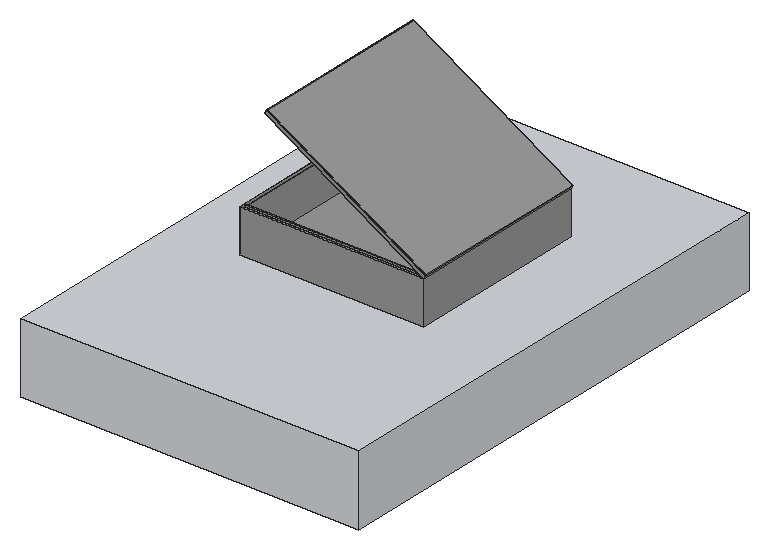
Revit family "Hager-Univers-IP44-D205-H800-Cl.II-Encl-NL-en", category Equipement électrique, Revit 2020
Family settings
  Hôte = Face
  Configuration du panneau = Deux colonnes, circuits au sein
  Cote de connecteur circulaire = Utiliser le diamètre
  Type d'élément = Tableau de raccordement
  Couper avec des vides une fois chargée = Non
  Partagée = Non
  Point de calcul de pièce = Non
Parameters (values of type "Surface mounted (plaster) IP44 W800 H800 D205  - FP53QS")
  Width Control [instance] = if([EF000008 - Width] > Min Width, [EF000008 - Width], Min Width)  # 800 mm
  Commentaires du type = [HG000003 - Range]  # "Univers"
  Thickness Door [instance] = if([EF009171 - Material plate thickness door/cover] > 3 mm, 3 mm, [EF009171 - Material plate thickness door/cover])  # 1 mm
  Seal Frame Offset [instance] = 17 mm  # constant formula
  Plinth Visibility [instance] = [HG000027 - Plinth height] > 0 mm  # no
  Model = ""
  Min Width [instance] = 100 mm  # constant formula
  Min Height [instance] = 100 mm  # constant formula
  Min Depth [instance] = (2 * [EF009170 - Material plate thickness cabinet]) + 1 mm  # 3 mm
  Internal Frame Depth [instance] = (Door System Depth * 0.5)  # 9 mm
  Height Control [instance] = if([EF000040 - Height] > Min Height, [EF000040 - Height], Min Height)  # 800 mm
  HG000027 - Plinth height = 0 mm
  HG000026 - Floor standing = no
  HG000024 - Bottom section height = 800 mm
  HG000023 - Double section enclosure = no
  HG000016 - Door 3d visibility [instance] = yes
  HG000015 - Clearance visibility [instance] = no
  HG000014 - Door on the right [instance] = yes
  HG000013 - Door on the left [instance] = not([HG000014 - Door on the right])  # no
  HG000012 - Door swing angle [instance] = 30.00°
  HG000010 - Asymmetric doors = no
  HG000009 - Double swing door = no
  HG000006 - Flush mounted = no
  HG000004 - Manufacturer reference = "FP53QS"
  HG000003 - Range = "Univers"
  HG000002 - With door or cover = yes
  Frame Offset Bottom [instance] = 10 mm  # constant formula
  Frame Offset [instance] = 15 mm  # constant formula
  EF015940 - Cover with overpressure release = no
  EF011959 - Degree of protection (NEMA) = ""
  EF009554 - Number of openings for flange plates = 6
  EF009212 - Cover model = "EV000116 - Closed"
  EF009171 - Material plate thickness door/cover = 1 mm
  EF009170 - Material plate thickness cabinet = 1 mm
  Fabricant = "Hager"  # constant formula
  EF008873 - Nominal current (In) = 250 A
  EF007800 - Suitable for lightning protection = no
  EF006306 - With lock = no
  EF006244 - Transparent cover/door = no
  EF005474 - Degree of protection (IP) = "EV006418 - IP44"
  EF004464 - Type of door = "EV002646 - Single"
  EF004427 - Number of modules = 180
  EF004293 - Impact strength = "EV006815 - IK09"
  EF003532 - Suitable for outdoor use = no
  EF002950 - Width in number of modular spacings = 36
  EF001613 - Circuit integrity = "EV000494 - None"
  EF001596 - Material housing = "EV000179 - Steel"
  EF001131 - Internal depth = 143 mm
  EF001088 - Extension possible = yes
  EF000437 - Number of conduit inlets = 6
  EF000339 - Type of cover = "EV001012 - Cover"
  EF000266 - Number of rows = 5
  EF000218 - Built-in depth = 0 mm
  EF000118 - With mounting plate = no
  EF000116 - RAL-number = "9010"
  EF000049 - Depth = 205 mm
  EF000040 - Height = 800 mm
  EF000008 - Width = 800 mm
  EF000007 - Colour = "EV000202 - White"
  EF000003 - Mounting method = "EV000384 - Surface mounted (plaster)"
  Door System Leaf Tolerance [instance] = 1.5 mm  # constant formula
  Door System Depth [instance] = 18 mm  # constant formula
  Door Height [instance] = Height Control - [HG000027 - Plinth height]  # 800 mm
  Depth Control [instance] = if([EF000049 - Depth] > Min Depth, [EF000049 - Depth], Min Depth)  # 205 mm
  Default Elevation = 0 mm
  Connector Offset [instance] = Height Control / 2  # 400 mm
  Bottom Top Plate Trim [instance] = 1.5 mm  # constant formula
  Plinth height Ctrl [instance] = if([HG000027 - Plinth height] > 0 mm, [HG000027 - Plinth height], 12 mm)  # 12 mm
Types (5, lengths in mm): name | Width Control | HG000009 - Double swing door | HG000004 - Manufacturer reference | EF009554 - Number of openings for flange plates | EF004464 - Type of door | EF004427 - Number of modules | EF002950 - Width in number of modular spacings | EF000437 - Number of conduit inlets | EF000008 - Width
  Surface mounted (plaster) IP44 W1050 H800 D205  - FP54QS | 1050 | no | "FP54QS" | 8 | "EV003602 - Double" | 240 | 48 | 8 | 1050
  Surface mounted (plaster) IP44 W1300 H800 D205  - FP55QS | 1300 | yes | "FP55QS" | 10 | "EV003602 - Double" | 300 | 60 | 10 | 1300
  Surface mounted (plaster) IP44 W300 H800 D205  - FP51QS | 300 | no | "FP51QS" | 2 | "EV002646 - Single" | 60 | 12 | 2 | 300
  Surface mounted (plaster) IP44 W550 H800 D205  - FP52QS | 550 | no | "FP52QS" | 4 | "EV002646 - Single" | 120 | 24 | 4 | 550
  Surface mounted (plaster) IP44 W800 H800 D205  - FP53QS | 800 | no | "FP53QS" | 6 | "EV002646 - Single" | 180 | 36 | 6 | 800
Reference planes
  plane 1 "Center (Front/Back)": y = 0
  plane 2: z = 0
  plane 3 "Center (Left/Right)": x = 0
  plane 4: z = 205
  plane 5: y = 1
  plane 6: y = 400
  plane 7: y = 0
  plane 8: y = 800
  plane 9: z = 0
  plane 10: x = -385
  plane 11: x = 385
  plane 12: x = 384
  plane 13: x = -384
  plane 14: y = 799
  plane 15: x = -383
  plane 16: x = -400
  plane 17: x = 383
  plane 18: x = 400
  plane 19: x = 399
  plane 20: x = -399
  plane 21: y = 11
  plane 22: y = 800
  plane 23: y = 784
  plane 24: z = 187
  plane 25: z = 1
  plane 26: z = 186
  plane 27: z = 204
Forms (mm)
  Extrusion 1, solid
    sketch origin (0, 0, 0) x (1, 0, 0) y (0, 1, 0)
      loop
        line (-702.964, 1305) -> (-702.964, -811.445) -> (766.763, -811.445) -> (766.763, 1305) -> (-702.964, 1305)
    from 0 to -304.8
  Extrusion 2, solid, material "Hager_Steel_RAL7035_Light_Grey", visible <- "Plinth Visibility", detail levels medium+fine
    sketch origin (0, 0, 0) x (1, 0, 0) y (0, 1, 0)
      loop
        line (-400, 0) -> (400, 0) -> (400, 12) -> (-400, 12) -> (-400, 0)
    from 0 to 187
  Extrusion 3, solid, material "Hager_Steel_RAL7035_Light_Grey", detail levels medium+fine
    sketch origin (0, 0, 0) x (1, 0, 0) y (0, 1, 0)
      loop
        line (-400, 0) -> (400, 0) -> (400, 800) -> (-400, 800) -> (-400, 0)
    from 0 to 187
  Extrusion 4, void
    sketch origin (0, 0, 0) x (1, 0, 0) y (0, 1, 0)
      loop
        line (-399, 1) -> (399, 1) -> (399, 799) -> (-399, 799) -> (-399, 1)
    from 1 to 186
  Extrusion 5, void
    sketch origin (-381.607, -4572, 187) x (0, -1, 0) y (-1, 0, 0)
      loop
        line (-4583, 2.393) -> (-5356, 2.393) -> (-5356, -765.607) -> (-4583, -765.607) -> (-4583, 2.393)
    from 0 to 1 <- "EF009170 - Material plate thickness cabinet"
  Extrusion 6, solid, material "Hager_Steel_RAL7035_Light_Grey", detail levels fine
    sketch origin (0, 0, 187) x (1, 0, 0) y (0, 1, 0)
      loop
        line (-384, 784) -> (-384, 11) -> (384, 11) -> (384, 784) -> (-384, 784)
      loop
        line (-385, 10) -> (385, 10) -> (385, 785) -> (-385, 785) -> (-385, 10)
    from 0 to 9 <- "Internal Frame Depth"
  Extrusion 7, solid, material "Hager_Steel_RAL7035_Light_Grey", detail levels coarse
    sketch origin (0, 0, 0) x (1, 0, 0) y (0, 1, 0)
      loop
        line (-400, 0) -> (400, 0) -> (400, 800) -> (-400, 800) -> (-400, 0)
    from 0 to 205
  Sweep 8, void
    path in 3D
      loop
        line (-400, 12, 0) -> (400, 12, 0) -> (400, 12, 187) -> (-400, 12, 187) -> (-400, 12, 0)
    profile origin (-400, 12, 93.5) x (-1, 0, 0) y (0, -1, 0)
      loop
        line (0, 0) -> (0, 1.5) -> (-1.5, 1.5)
        arc (-1.5, 1.5) -> (-1.061, 0.439) -> (0, 0) r 1.5
Cuts and joins
  Extrusion 4, Extrusion 5 cuts Extrusion 3
  Sweep 8 cuts Extrusion 2
Lines and regions (mm)
  Masking region 1
    outline origin (0, 0, 0) x (1, 0, 0) y (0, 0, 1)
      loop
        line (-400, 205) -> (-400, 0) -> (400, 0) -> (400, 205) -> (-400, 205)
  Masking region 2, detail levels medium+fine
    outline origin (0, 140, 0) x (0, 1, 0) y (0, 0, 1)
      loop
        line (-140, 0) -> (660, 0) -> (660, 187) -> (-140, 187) -> (-140, 0)
  Masking region 3, not visible, detail levels medium+fine
    outline origin (0, 297.922, 0) x (0, 1, 0) y (0, 0, 1)
      loop
        line (113.578, 0) -> (153.578, 0) -> (153.578, 194)
        arc (153.578, 194) -> (150.649, 201.071) -> (143.578, 204) r 10
        line (143.578, 204) -> (113.578, 204) -> (113.578, 0)
  Masking region 4, detail levels coarse
    outline origin (0, 0, 180) x (0, 1, 0) y (0, 0, 1)
      loop
        line (0, -180) -> (800, -180) -> (800, 25) -> (0, 25) -> (0, -180)
  Masking region 5, visible <- "Plinth Visibility", detail levels medium+fine
    outline origin (0, 52.24, 12.345) x (0, 0, -1) y (0, 1, 0)
      loop
        line (10.845, -40.24) -> (-173.155, -40.24)
        arc (-173.155, -40.24) -> (-173.594, -41.301) -> (-174.655, -41.74) r 1.5
        line (-174.655, -41.74) -> (-174.655, -52.24) -> (12.345, -52.24) -> (12.345, -41.74)
        arc (12.345, -41.74) -> (11.285, -41.301) -> (10.845, -40.24) r 1.5
  Masking region 6, detail levels medium+fine
    outline origin (-381.607, -4572, 187) x (-1, 0, 0) y (0, -1, 0)
      loop
        line (18.393, -5372) -> (18.393, -4572) -> (-781.607, -4572) -> (-781.607, -5372) -> (18.393, -5372)
  Masking region 7, visible <- "Plinth Visibility", detail levels medium+fine
    outline origin (-381.607, -4727, 187) x (-1, 0, 0) y (0, -1, 0)
      loop
        arc (16.893, -4739) -> (17.332, -4737.939) -> (18.393, -4737.5) r 1.5
        line (18.393, -4737.5) -> (18.393, -4727) -> (-781.607, -4727) -> (-781.607, -4737.5)
        arc (-781.607, -4737.5) -> (-780.546, -4737.939) -> (-780.107, -4739) r 1.5
        line (-780.107, -4739) -> (16.893, -4739)
  Masking region 8, detail levels coarse
    outline origin (-442.548, -4669.526, 187) x (-1, 0, 0) y (0, -1, 0)
      loop
        line (-42.548, -5469.526) -> (-42.548, -4669.526) -> (-842.548, -4669.526) -> (-842.548, -5469.526) -> (-42.548, -5469.526)
  sketch lines
    curve 1: line (-400, 12, 187) -> (-400, 12, 0)
    curve 2: line (400, 12, 187) -> (-400, 12, 187)
    curve 3: line (400, 12, 187) -> (400, 12, 0)
    curve 4: line (-400, 12, 0) -> (400, 12, 0)
Dimensions and locks
  "Depth Control": plane 4 to Extrusion 1
  "HG000027 - Plinth height": plane 1 "Center (Front/Back)" to plane 7
  "EF009170 - Material plate thickness cabinet": plane 5 to plane 7
  locked: connector elem to plane 3 "Center (Left/Right)"
  equal spacing: plane 8, plane 6, plane 7
  locked: connector elem to plane 6
  "EF009170 - Material plate thickness cabinet": plane 8 to plane 14
  "EF009170 - Material plate thickness cabinet": plane 10 to plane 13
  "EF009170 - Material plate thickness cabinet": plane 12 to plane 11
  "Frame Offset": plane 20 to plane 13
  "Frame Offset": plane 12 to plane 19
  "EF009170 - Material plate thickness cabinet": plane 16 to plane 20
  "EF009170 - Material plate thickness cabinet": plane 19 to plane 18
  "Seal Frame Offset": plane 16 to plane 15
  "Seal Frame Offset": plane 17 to plane 18
  "Frame Offset Bottom": plane 21 to plane 5
  "Frame Offset": plane 14 to plane 23
  equal spacing: plane 16, plane 3 "Center (Left/Right)", plane 18
  "Width Control": plane 16 to plane 18
  "EF009170 - Material plate thickness cabinet": plane 4 to plane 27
  "EF009170 - Material plate thickness cabinet": plane 24 to plane 26
  "EF009170 - Material plate thickness cabinet": plane 25 to level
  "Door System Depth": plane 4 to plane 24
  "Height Control": plane 1 "Center (Front/Back)" to Extrusion 7 sketch curve
  "Height Control": Masking region 4 sketch curve to plane 1 "Center (Front/Back)"
  "Height Control": plane 1 "Center (Front/Back)" to plane 22
  "Bottom Top Plate Trim": profile plane to Sweep 8 sketch curve
  "Bottom Top Plate Trim": Sweep 8 sketch curve to profile plane
  "Plinth height Ctrl": plane 1 "Center (Front/Back)" to Extrusion 2 sketch curve
  "Plinth height Ctrl": Masking region 5 sketch curve to plane 1 "Center (Front/Back)"
  "Plinth height Ctrl": plane 1 "Center (Front/Back)" to Masking region 7 sketch curve
  "Thickness Door": Extrusion 6 sketch curve to Extrusion 6 sketch curve  (x3)
  "Thickness Door": cut or joined group of Extrusion 3, Extrusion 4, Extrusion 5 to Extrusion 6 sketch curve
  radius of Masking region 3 sketch curve = 10 mm
  "Bottom Top Plate Trim": radius of Masking region 5 sketch curve  (x2)
  "Bottom Top Plate Trim": radius of Sweep 8 sketch curve
  "Bottom Top Plate Trim": radius of Masking region 7 sketch curve  (x2)
  aligned and locked: plane 2 to Extrusion 1
  aligned and locked: level to Extrusion 1
  aligned and locked: level to Masking region 1 sketch curve
  aligned and locked: Masking region 1 sketch curve to plane 18
  aligned and locked: Masking region 1 sketch curve to plane 16
  aligned and locked: plane 7 to Masking region 2 sketch curve
  aligned and locked: level to Masking region 3 sketch curve
  aligned and locked: Masking region 3 sketch curve to plane 27
  aligned and locked: level to Masking region 2 sketch curve
  aligned and locked: plane 1 "Center (Front/Back)" to Extrusion 2 sketch curve
  aligned and locked: Extrusion 3 sketch curve to plane 7
  aligned and locked: plane 16 to Extrusion 3 sketch curve
  aligned and locked: plane 18 to Extrusion 3 sketch curve
  aligned and locked: plane 20 to Extrusion 4 sketch curve
  aligned and locked: plane 19 to Extrusion 4 sketch curve
  aligned and locked: Extrusion 4 sketch curve to plane 5
  aligned and locked: Extrusion 4 to plane 25
  aligned and locked: plane 26 to Extrusion 4
  aligned and locked: plane 24 to Extrusion 3
  aligned and locked: Extrusion 5 sketch curve to plane 21
  aligned and locked: Extrusion 5 sketch curve to plane 13
  aligned and locked: Extrusion 5 sketch curve to plane 12
  aligned and locked: plane 18 to Extrusion 7 sketch curve
  aligned and locked: plane 1 "Center (Front/Back)" to Extrusion 7 sketch curve
  aligned and locked: plane 16 to Extrusion 7 sketch curve
  aligned and locked: plane 4 to Extrusion 7
  aligned and locked: Extrusion 7 to level
  aligned and locked: level to Masking region 4 sketch curve
  aligned and locked: Masking region 4 sketch curve to plane 1 "Center (Front/Back)"
  aligned and locked: Masking region 4 sketch curve to plane 4
  aligned and locked: nested 1 to level
  aligned and locked: nested 1 to plane 16
  aligned and locked: plane 8 to Extrusion 3 sketch curve
  aligned and locked: plane 23 to Extrusion 5 sketch curve
  aligned and locked: plane 14 to Extrusion 4 sketch curve
  aligned and locked: Masking region 2 sketch curve to plane 8
  aligned and locked: level to Masking region 5 sketch curve
  aligned and locked: plane 16 to Extrusion 2 sketch curve
  aligned and locked: plane 18 to Extrusion 2 sketch curve
  aligned and locked: Masking region 5 sketch curve to plane 24
  aligned and locked: Masking region 2 sketch curve to plane 24
  aligned and locked: plane 24 to Extrusion 2
  aligned and locked: profile plane to Sweep 8 sketch curve  (x2)
  aligned and locked: Masking region 6 sketch curve to plane 18
  aligned and locked: Masking region 6 sketch curve to plane 22
  aligned and locked: Masking region 6 sketch curve to plane 16
  aligned and locked: plane 8 to plane 22
  aligned and locked: Masking region 6 sketch curve to plane 7
  aligned and locked: Masking region 7 sketch curve to plane 16
  aligned and locked: Masking region 7 sketch curve to plane 1 "Center (Front/Back)"
  aligned and locked: Masking region 7 sketch curve to plane 18
  aligned and locked: Masking region 8 sketch curve to plane 1 "Center (Front/Back)"
  aligned and locked: Masking region 8 sketch curve to plane 18
  aligned and locked: Masking region 8 sketch curve to plane 22
  aligned and locked: Masking region 8 sketch curve to plane 16
  aligned and locked: nested 2 to plane 7
  aligned and locked: plane 3 "Center (Left/Right)" to nested 2
  aligned and locked: nested 2 to plane 24
  aligned and locked: Extrusion 6 sketch curve to cut or joined group of Extrusion 3, Extrusion 4, Extrusion 5  (x4)
Automatic sketch dimensions
  Extrusion 1 sketch curve to Extrusion 1 sketch curve = 1469.727 mm
  Extrusion 1 sketch curve to Extrusion 1 sketch curve = 2116.445 mm
  Masking region 1 sketch curve to plane 4 = 0 mm
  plane 6 to Masking region 3 sketch curve = 11.5 mm
  Masking region 3 sketch curve to Masking region 3 sketch curve = 30 mm
  Masking region 5 sketch curve to plane 1 "Center (Front/Back)" = 0 mm
Nested families
  nested 1: "Hager_Enclosure_Symbol" at (-400, 0, 0) x (1, 0, 0) z (0, -1, 0), Height <- "Depth Control", Width <- "Width Control", type "Hager_Enclosure_Symbol"
    with Width_Ctrl 800 mm, Width 800 mm, Height_Ctrl 205 mm, Height 205 mm, A_Width_Int 13.453 mm, A_Width 161.438 mm, A_Height_Ctrl 179.375 mm, A_Height 179.375 mm
  nested 2: "EC000058_Univers_Door" at (0, 0, 187) x (1, 0, 0) z (0, 1, 0), Leaf_Tolerance <- "Door System Leaf Tolerance", Angle <- "HG000012 - Door swing angle", Door_Depth <- "Door System Depth", Door_Left <- "HG000013 - Door on the left", Transparent <- "EF006244 - Transparent cover/door", Assymetrical <- "HG000010 - Asymmetric doors", Width <- "Width Control", Clearance <- "HG000015 - Clearance visibility", Double <- "HG000009 - Double swing door", 3d_Door <- "HG000016 - Door 3d visibility", Lock_Visibility <- "EF006306 - With lock", Width_Ctrl <- "Width Control", Door_Right <- "HG000014 - Door on the right", Door <- "HG000002 - With door or cover", Height <- "Door Height", Thickness <- "Thickness Door", type "EC000058_Univers_Door", detail levels medium+fine
    with min_wh 3 mm, Width_Ctrl 800 mm, Width 800 mm, Transparent no, Thickness 1 mm, Seal_Material Hager_Rubber, Lock_Visibility no, Lock_Material Hager_Plastic_RAL9005_Jet_Black, Leaf_Width 800 mm, Leaf_Tolerance_External_Sides 0 mm, Leaf_Tolerance 1.5 mm, Leaf_Offset 0 mm, Leaf_Height 797 mm, Leaf_2_Width 800 mm, Leaf_2_Offset 400 mm, Leaf_1_Width 800 mm, Leaf_1_Offset 400 mm, Height_Ctrl 800 mm, Height 800 mm, Glass_Material Hager_Glass, Double_Clearance_Ctrl no, Double no, Door_Right_Ctrl yes, Door_Right yes, Door_Material Hager_Steel_RAL7035_Light_Grey, Door_Left_Ctrl no, Door_Left no, Door_Depth 18 mm, Door yes, Clearance_Material Hager_Clearance, Clearance_Depth 800 mm, Clearance_Ctrl no, Clearance no, Assymetrical no, Angle 30.00°, 3d_Door yes
Connectors
  electrical at (0, 400, 0)
    settings: on plane 9, index 1, voltage 0 V, apparent load 0 VA, apparent load phase1 0 VA, apparent load phase2 0 VA, apparent load phase3 0 VA, power factor 1, load classification "Other", number of poles 1, system type 30, power factor state 1, is connector primary yes, connector utility no, sub classification motor no, connector description ""
Definition of nested family "EC000058_Univers_Door"
  Parameters (values of type "EC000058_Univers_Door")
    min_wh [instance] = (2 * Thickness) + 1 mm  # 11 mm
    Width_Ctrl [instance] = 400 mm
    Width [instance] = 500 mm
    Transparent [instance] = yes
    Thickness [instance] = 5 mm
    Seal_Material [instance] = none
    Lock_Visibility [instance] = yes
    Lock_Material [instance] = none
    Leaf_Width [instance] = if((Width_Ctrl - 2 * Leaf_Tolerance_External_Sides) > 0 mm, (Width_Ctrl - 2 * Leaf_Tolerance_External_Sides), min_wh)  # 400 mm
    Leaf_Tolerance_External_Sides [instance] = 0 mm  # constant formula
    Leaf_Tolerance [instance] = 1.5 mm
    Leaf_Offset [instance] = 0 mm  # constant formula
    Leaf_Height [instance] = if((Height_Ctrl - 2 * Leaf_Tolerance) > 0 mm, (Height_Ctrl - 2 * Leaf_Tolerance), min_wh)  # 497 mm
    Leaf_2_Width [instance] = if(and(and(Double, Assymetrical), Door_Left), (Leaf_Width / 3) - (Leaf_Tolerance / 2), if(and(and(Double, Assymetrical), Door_Right), (Leaf_Width / 3) * 2 - (Leaf_Tolerance / 2), if(and(Double, not(Assymetrical)), (Leaf_Width / 2) - Leaf_Tolerance, Leaf_Width)))  # 400 mm
    Leaf_2_Offset [instance] = if(and(Double, Assymetrical), Leaf_2_Width / 2, if(and(Double, not(Assymetrical)), Leaf_Width / 4, Leaf_Width / 2))  # 200 mm
    Leaf_1_Width [instance] = if(and(and(Double, Assymetrical), Door_Right), (Leaf_Width / 3) - (Leaf_Tolerance / 2), if(and(and(Double, Assymetrical), Door_Left), (Width / 3) * 2 - (Leaf_Tolerance / 2), if(and(Double, not(Assymetrical)), (Leaf_Width / 2) - Leaf_Tolerance, Leaf_Width)))  # 400 mm
    Leaf_1_Offset [instance] = if(and(Double, Assymetrical), Leaf_1_Width / 2, if(and(Double, not(Assymetrical)), Leaf_Width / 4, Leaf_Width / 2))  # 200 mm
    Height_Ctrl [instance] = if(Height > min_wh, Height, min_wh)  # 500 mm
    Height [instance] = 500 mm
    Glass_Material [instance] = none
    Double_Clearance_Ctrl [instance] = and(Double, Clearance)  # no
    Double [instance] = no
    Door_Right_Ctrl [instance] = and(or(Door_Right, Double), Door)  # yes
    Door_Right [instance] = yes
    Door_Material [instance] = none
    Door_Left_Ctrl [instance] = and(or(Door_Left, Double), Door)  # no
    Door_Left [instance] = no
    Door_Depth [instance] = 30 mm
    Door [instance] = yes
    Default Elevation = 1219.2 mm
    Clearance_Material [instance] = none
    Clearance_Depth [instance] = if(Leaf_1_Width > Leaf_2_Width, Leaf_1_Width, Leaf_2_Width)  # 400 mm
    Clearance_Ctrl [instance] = and(not(Double), Clearance)  # yes
    Clearance [instance] = yes
    Assymetrical [instance] = yes
    Angle [instance] = 30.00°
    3d_Door [instance] = yes
  Reference planes
    plane 1 "Center (Front/Back)": y = 0
    plane 2 "Bottom": z = 0
    plane 3 "Center (Left/Right)": x = 0
    plane 4: z = 500
    plane 5: x = -200
    plane 6: x = 200
    plane 7: z = 500
    plane 8: x = -200
    plane 9: z = 0
    plane 10: x = 200
    plane 11: y = 0
    plane 12: z = 1.5
    plane 13: x = -600
    plane 14: y = -400
    plane 15: x = 600
    plane 16: x = 0
    plane 17: x = 0
    plane 18: x = -200
    plane 19: x = 200
    plane 20: z = 498.5
  Forms (mm)
    Extrusion 1, solid, material <- "Clearance_Material", visible <- "Double_Clearance_Ctrl"
      sketch origin (1200, 0, 0) x (1, 0, 0) y (0, 0, -1)
        loop
          line (-1800, -498.5) -> (-600, -498.5) -> (-600, 0) -> (-1800, 0) -> (-1800, -498.5)
      from 0 to -400
  Dimensions and locks
    equal spacing: plane 5, plane 3 "Center (Left/Right)", plane 6
    "Width_Ctrl": plane 5 to plane 6
    "Leaf_Offset": plane 5 to plane 8
    "Leaf_Offset": plane 6 to plane 10
    "Leaf_Offset": plane 9 to level
    "Leaf_Offset": plane 4 to plane 7
    "Height_Ctrl": plane 4 to level
    "Leaf_Tolerance": plane 12 to plane 9
    locked: plane 11 to plane 1 "Center (Front/Back)"
    "Leaf_1_Offset": plane 18 to plane 16
    "Leaf_2_Offset": plane 17 to plane 19
    "Leaf_1_Width": plane 13 to plane 8
    "Leaf_2_Width": plane 10 to plane 15
    "Clearance_Depth": plane 14 to plane 1 "Center (Front/Back)"
    "Leaf_Tolerance_External_Sides": plane 8 to plane 18
    "Leaf_Tolerance_External_Sides": plane 19 to plane 10
    "Leaf_Tolerance": plane 7 to plane 20
    aligned and locked: level to plane 2 "Bottom"
    aligned and locked: nested 1 to plane 16
    aligned and locked: nested 2 to plane 17
    aligned and locked: Extrusion 1 to plane 13
    aligned and locked: plane 15 to Extrusion 1
    aligned and locked: Extrusion 1 to plane 14
    aligned and locked: plane 12 to nested 1
    aligned and locked: nested 2 to plane 12
    aligned and locked: Extrusion 1 to plane 11
    aligned and locked: plane 20 to Extrusion 1
    aligned and locked: nested 2 to plane 11
    aligned and locked: nested 1 to plane 11
  Automatic sketch dimensions
    Extrusion 1 sketch curve to level = 0 mm
    plane 5 to Extrusion 1 sketch curve = 400 mm
    plane 6 to Extrusion 1 sketch curve = 400 mm
    Extrusion 1 sketch curve to plane 4 = 1.5 mm
  Nested families
    nested 1: "EC000058_Univers_Door_Leaf" at (0, 0, 1.5), Width <- "Leaf_1_Width", visible <- "Door_Left_Ctrl", Leaf_Height <- "Leaf_Height", Angle <- "Angle", 3d_Door <- "3d_Door", Transparent <- "Transparent", Clearance Material <- "Clearance_Material", Clearance <- "Clearance_Ctrl", Door_Material <- "Door_Material", Glass_Material <- "Glass_Material", Door_Depth <- "Door_Depth", Lock_Material <- "Lock_Material", Seal_Material <- "Seal_Material", Lock_Visibility <- "Lock_Visibility", Thickness <- "Thickness", type "EC000058_Univers_Door_Leaf"
      with Width 400 mm, Transparent_Glass_Offset 30 mm, Transparent_Ctrl yes, Transparent yes, Thickness 5 mm, Standard no, Seal_Material none, Seal_D2 8 mm, Seal_D1 1 mm, Offset_Internal_Frame 10 mm, Lock_Width 20 mm, Lock_Visibility_3d yes, Lock_Visibility yes, Lock_Thickness_3 3 mm, Lock_Thickness_2 1 mm, Lock_Thickness_1 3 mm, Lock_Radius_Offset_2 16 mm, Lock_Radius_Offset_1 15 mm, Lock_Radius_2 5 mm, Lock_Radius 6 mm, Lock_Offset 5 mm, Lock_Material none, Lock_Height 80 mm, Lock_Cover_Top_Offset_2d 17 mm, Lock_Cover_Height -65 mm, Leaf_Height 497 mm, Internal_Seal_Thickness 8 mm, Internal_Seal_Depth_2 4.5 mm, Internal_Frame_Depth 25 mm, Glass_Thickness -1 mm, Glass_Offset -2 mm, Glass_Material none, Door_Material none, Door_Depth 30 mm, Clearance Material none, Clearance yes, Angle_Ctrl 30.00°, Angle 30.00°, 3d_Door yes
    nested 2: "EC000058_Univers_Door_Leaf" at (0, 0, 1.5) x (-1, 0, 0) z (0, 0, 1), Width <- "Leaf_2_Width", visible <- "Door_Right_Ctrl", Leaf_Height <- "Leaf_Height", Angle <- "Angle", 3d_Door <- "3d_Door", Transparent <- "Transparent", Clearance Material <- "Clearance_Material", Clearance <- "Clearance_Ctrl", Door_Material <- "Door_Material", Glass_Material <- "Glass_Material", Door_Depth <- "Door_Depth", Lock_Material <- "Lock_Material", Seal_Material <- "Seal_Material", Lock_Visibility <- "Lock_Visibility", Thickness <- "Thickness", type "EC000058_Univers_Door_Leaf"
      with Width 400 mm, Transparent_Glass_Offset 30 mm, Transparent_Ctrl yes, Transparent yes, Thickness 5 mm, Standard no, Seal_Material none, Seal_D2 8 mm, Seal_D1 1 mm, Offset_Internal_Frame 10 mm, Lock_Width 20 mm, Lock_Visibility_3d yes, Lock_Visibility yes, Lock_Thickness_3 3 mm, Lock_Thickness_2 1 mm, Lock_Thickness_1 3 mm, Lock_Radius_Offset_2 16 mm, Lock_Radius_Offset_1 15 mm, Lock_Radius_2 5 mm, Lock_Radius 6 mm, Lock_Offset 5 mm, Lock_Material none, Lock_Height 80 mm, Lock_Cover_Top_Offset_2d 17 mm, Lock_Cover_Height -65 mm, Leaf_Height 497 mm, Internal_Seal_Thickness 8 mm, Internal_Seal_Depth_2 4.5 mm, Internal_Frame_Depth 25 mm, Glass_Thickness -1 mm, Glass_Offset -2 mm, Glass_Material none, Door_Material none, Door_Depth 30 mm, Clearance Material none, Clearance yes, Angle_Ctrl 30.00°, Angle 30.00°, 3d_Door yes
  Definition of nested family "EC000058_Univers_Door_Leaf"
    Parameters (values of type "EC000058_Univers_Door_Leaf")
      Width [instance] = 2000 mm
      Transparent_Glass_Offset [instance] = 30 mm
      Transparent_Ctrl [instance] = and(Transparent, [3d_Door])  # yes
      Transparent [instance] = yes
      Thickness [instance] = 5 mm
      Standard [instance] = and(not(Transparent), [3d_Door])  # no
      Seal_Material [instance] = none
      Seal_D2 [instance] = 8 mm  # constant formula
      Seal_D1 [instance] = 1 mm  # constant formula
      Offset_Internal_Frame [instance] = 10 mm  # constant formula
      Lock_Width [instance] = 20 mm  # constant formula
      Lock_Visibility_3d [instance] = and(Lock_Visibility, [3d_Door])  # yes
      Lock_Visibility [instance] = yes
      Lock_Thickness_3 [instance] = 3 mm  # constant formula
      Lock_Thickness_2 [instance] = 1 mm  # constant formula
      Lock_Thickness_1 [instance] = 3 mm  # constant formula
      Lock_Radius_Offset_2 [instance] = Lock_Radius_Offset_1 + 1 mm  # 16 mm
      Lock_Radius_Offset_1 [instance] = 15 mm  # constant formula
      Lock_Radius_2 [instance] = Lock_Radius - 1 mm  # 5 mm
      Lock_Radius [instance] = 6 mm  # constant formula
      Lock_Offset [instance] = 5 mm  # constant formula
      Lock_Material [instance] = none
      Lock_Height [instance] = 80 mm  # constant formula
      Lock_Cover_Top_Offset_2d [instance] = Lock_Radius_Offset_2 + 1 mm  # 17 mm
      Lock_Cover_Height [instance] = -(Lock_Height - Lock_Radius_Offset_1)  # -65 mm
      Leaf_Height [instance] = 2720.336 mm
      Internal_Seal_Thickness [instance] = 8 mm  # constant formula
      Internal_Seal_Depth_2 [instance] = 4.5 mm  # constant formula
      Internal_Frame_Depth [instance] = if(Door_Depth - Thickness > 5 mm, Door_Depth - Thickness, 5 mm)  # 25 mm
      Glass_Thickness [instance] = if(Thickness > 15 mm, Glass_Offset + 10 mm, -1 mm)  # -1 mm
      Glass_Offset [instance] = if(Thickness > 15 mm, -(Thickness + 10 mm) / 2, -2 mm)  # -2 mm
      Glass_Material [instance] = none
      Door_Material [instance] = none
      Door_Depth [instance] = 30 mm
      Default Elevation = 0 mm
      Clearance Material [instance] = none
      Clearance [instance] = yes
      Angle_Ctrl [instance] = if(Angle > 180.00°, 180.00°, Angle)  # 90.00°
      Angle [instance] = 90.00°
      3d_Door [instance] = yes
    Reference planes
      plane 1 "Center (Front/Back)": y = 0
      plane 2: z = 0
      plane 3 "Center (Left/Right)": x = 0
      plane 4: y = 2000
      plane 5: x = -1000
      plane 6: x = 1000
      plane 7: x = -3000
      plane 8: z = 2720.336
      plane 9: z = 30
      plane 10: z = 2690.336
      plane 11: x = 970
      plane 12: x = -970
      plane 13: y = -3
      plane 14: z = 107.833
      plane 15: y = -5
      plane 16: y = -223.314
      plane 17: x = -1000
      plane 18: z = 1360.168
      plane 19: y = 30
    Forms (mm)
      Extrusion 1, solid, material <- "Clearance Material", visible <- "Clearance"
        sketch origin (0, 0, 0) x (1, 0, 0) y (0, 0, 1)
          loop
            line (-3000, 2720.336) -> (-3000, 0) -> (1000, 0) -> (1000, 2720.336) -> (-3000, 2720.336)
        from 0 to -2000
      Extrusion 2, solid, material <- "Door_Material", visible <- "Standard", detail levels medium+fine
        sketch origin (-1000, 0, 0) x (0, 1, 0) y (-1, 0, 0)
          loop
            line (0, 30) -> (0, 25) -> (2000, 25) -> (2000, 30) -> (0, 30)
        from 0 to 2720.336 <- "Leaf_Height"
      Extrusion 3, solid, material <- "Door_Material", visible <- "Transparent_Ctrl", detail levels medium+fine
        sketch origin (-1000, 0, 0) x (0, 1, 0) y (-1, 0, 0)
          loop
            line (0, 25) -> (2000, 25) -> (2000, 30) -> (0, 30) -> (0, 25)
        from 0 to 2720.336 <- "Leaf_Height"
      Extrusion 4, void
        sketch origin (-1025, 2000, 0) x (0, 1, 0) y (0, 0, -1)
          loop
            line (-30, -2690.336) -> (-30, -30) -> (-1970, -30) -> (-1970, -2690.336) -> (-30, -2690.336)
        from 0 to 5 <- "Thickness"
      Sweep 5, solid, material <- "Seal_Material", visible <- "Transparent_Ctrl", detail levels fine
        path in 3D
          loop
            line (-1025, 30, 30) -> (-1025, 30, 2690.336) -> (-1025, 1970, 2690.336) -> (-1025, 1970, 30) -> (-1025, 30, 30)
        profile origin (-1025, 1000, 30) x (1, 0, 0) y (0, 0, 1)
          loop
            line (0, 0) -> (0, -8) -> (1, -8) -> (1, 0) -> (0, 0)
      Extrusion 6, solid, material <- "Glass_Material", visible <- "Transparent_Ctrl", detail levels medium+fine
        sketch origin (-1030, 0, 0) x (0, 1, 0) y (0, 0, -1)
          loop
            line (1970, -2690.336) -> (1970, -30) -> (30, -30) -> (30, -2690.336) -> (1970, -2690.336)
        from -2 <- "Glass_Offset" to -1 <- "Glass_Thickness"
      Extrusion 7, solid, material <- "Door_Material", visible <- "3d_Door", detail levels medium+fine
        sketch origin (-1025, 2000, 0) x (0, -1, 0) y (0, 0, -1)
          loop
            line (0, -2720.336) -> (2000, -2720.336) -> (2000, 0) -> (0, 0) -> (0, -2720.336)
          loop
            line (1995, -5) -> (5, -5) -> (5, -2715.336) -> (1995, -2715.336) -> (1995, -5)
        from 0 to 25 <- "Internal_Frame_Depth"
      Sweep 8, solid, material <- "Seal_Material", visible <- "Transparent_Ctrl", detail levels fine
        path in 3D
          loop
            line (-1025, 0, 0) -> (-1025, 2000, 0) -> (-1025, 2000, 2720.336) -> (-1025, 0, 2720.336) -> (-1025, 0, 0)
        profile origin (-1025, 0, 1360.168) x (1, 0, 0) y (0, 1, 0)
          loop
            line (0, 10) -> (2.975, 10)
            arc (2.975, 10) -> (4.053, 10.447) -> (4.5, 11.525) r 1.525
            line (4.5, 11.525) -> (4.5, 16.527)
            arc (4.5, 16.527) -> (4.069, 17.569) -> (3.027, 18) r 1.473
            line (3.027, 18) -> (0, 18) -> (0, 10)
      Extrusion 9, solid, material <- "Lock_Material", visible <- "Lock_Visibility_3d", detail levels fine
        sketch origin (-1030, 0, 0) x (0, 1, 0) y (0, 0, -1)
          loop
            arc (1993.5, -1400.168) -> (1994.561, -1399.729) -> (1995, -1398.668) r 1.5
            line (1995, -1398.668) -> (1995, -1320.168) -> (1975, -1320.168) -> (1975, -1398.668)
            arc (1975, -1398.668) -> (1975.439, -1399.729) -> (1976.5, -1400.168) r 1.5
            line (1976.5, -1400.168) -> (1993.5, -1400.168)
        from 3 <- "Lock_Thickness_1" to 0
      Blend 10, solid, material <- "Lock_Material", visible <- "Lock_Visibility_3d", detail levels fine
        base sketch origin (-1033, 0, 0) x (0, 1, 0) y (0, 0, -1)
          loop
            line (1975, -1320.168) -> (1975, -1398.668)
            arc (1975, -1398.668) -> (1975.439, -1399.729) -> (1976.5, -1400.168) r 1.5
            line (1976.5, -1400.168) -> (1993.5, -1400.168)
            arc (1993.5, -1400.168) -> (1994.561, -1399.729) -> (1995, -1398.668) r 1.5
            line (1995, -1398.668) -> (1995, -1320.168) -> (1975, -1320.168)
        top sketch origin (-1033, 0, 0) x (0, 1, 0) y (0, 0, -1)
          loop
            line (1976, -1320.168) -> (1976, -1398.668)
            arc (1976, -1398.668) -> (1976.146, -1399.022) -> (1976.5, -1399.168) r 0.5
            line (1976.5, -1399.168) -> (1993.5, -1399.168)
            arc (1993.5, -1399.168) -> (1993.854, -1399.022) -> (1994, -1398.668) r 0.5
            line (1994, -1398.668) -> (1994, -1320.168) -> (1976, -1320.168)
        from 0 to 1 <- "Lock_Thickness_2"
      Blend 11, solid, material <- "Lock_Material", visible <- "Lock_Visibility_3d", detail levels fine
        base sketch origin (-1034, 0, 0) x (0, 1, 0) y (0, 0, -1)
          loop
            line (1978, -1320.168) -> (1978, -1384.168)
            arc (1978, -1384.168) -> (1985, -1391.168) -> (1992, -1384.168) r 7
            line (1992, -1384.168) -> (1992, -1320.168) -> (1978, -1320.168)
        top sketch origin (-1034, 0, 0) x (0, 1, 0) y (0, 0, -1)
          loop
            line (1991, -1320.168) -> (1979, -1320.168) -> (1979, -1383.168)
            arc (1979, -1383.168) -> (1985, -1389.168) -> (1991, -1383.168) r 6
            line (1991, -1383.168) -> (1991, -1320.168)
        from 0 to 3 <- "Lock_Thickness_3"
      Extrusion 12, solid, material <- "Lock_Material", visible <- "Lock_Visibility_3d", detail levels fine
        sketch origin (-1030, 1975, 1320.168) x (1, 0, 0) y (0, -1, 0)
          loop
            line (-7, -19) -> (-7, -1) -> (0, -1) -> (0, 0) -> (-8, 0) -> (-8, -20) -> (0, -20) -> (0, -19) -> (-7, -19)
        from 0 to -65 <- "Lock_Cover_Height"
      Extrusion 13, void
        sketch origin (-1038, 1995, 1320.168) x (-1, 0, 0) y (0, 0, -1)
          loop
            line (-5, -65) -> (0, -65) -> (-5, -60) -> (-5, -65)
        from 0 to 20 <- "Lock_Width"
      Extrusion 14, void
        sketch origin (-1038, 1975, 1320.168) x (0, -1, 0) y (0, 0, -1)
          loop
            circle (-10, -15.995) r 6
          loop
            circle (-10, -15.995) r 5
        from 0 to 2
      Extrusion 15, solid, material <- "Lock_Material", visible <- "Lock_Visibility_3d", detail levels medium
        sketch origin (-1030, 0, 0) x (0, 1, 0) y (0, 0, -1)
          loop
            arc (1993.5, -1400.168) -> (1994.561, -1399.729) -> (1995, -1398.668) r 1.5
            line (1995, -1398.668) -> (1995, -1320.168) -> (1975, -1320.168) -> (1975, -1398.668)
            arc (1975, -1398.668) -> (1975.439, -1399.729) -> (1976.5, -1400.168) r 1.5
            line (1976.5, -1400.168) -> (1993.5, -1400.168)
        from 8 to 0
    Cuts and joins
      Extrusion 4 cuts Extrusion 3
      Extrusion 13, Extrusion 14 cuts Extrusion 9
      Extrusion 14 cuts Blend 11
      Extrusion 13, Extrusion 14 cuts Extrusion 12
      joined: Extrusion 9, Blend 10, Blend 11, Extrusion 12
      Extrusion 14 cuts Extrusion 15
    Lines and regions (mm)
      Masking region 1, visible <- "Lock_Visibility", detail levels fine
        outline origin (0, 0, 0) x (0, 1, 0) y (0, 0, 1)
          loop
            line (30, 1320.168) -> (33, 1320.168) -> (33, 1400.168) -> (30, 1400.168) -> (30, 1320.168)
      Masking region 2, visible <- "Lock_Visibility", detail levels fine
        outline origin (0, 3.143, 0) x (0, 1, 0) y (0, 0, 1)
          loop
            line (29.857, 1354.168) -> (30.857, 1354.168) -> (30.857, 1366.168) -> (29.857, 1366.168) -> (29.857, 1354.168)
      Masking region 3, detail levels medium+fine
        outline origin (0, 0, 0) x (0, 1, 0) y (0, 0, 1)
          loop
            line (0, 0) -> (30, 0) -> (30, 2720.336) -> (0, 2720.336) -> (0, 0)
      Masking region 4, detail levels medium+fine
        outline origin (0, 0, 0) x (1, 0, 0) y (0, 0, 1)
          loop
            line (-1000, 2720.336) -> (-1000, 0) -> (1000, 0) -> (1000, 2720.336) -> (-1000, 2720.336)
      Masking region 5, visible <- "Lock_Visibility", detail levels fine
        outline origin (-47.116, 0, 0) x (1, 0, 0) y (0, 0, 1)
          loop
            arc (1024.616, 1399.168) -> (1023.556, 1398.729) -> (1023.116, 1397.668) r 1.5
            line (1023.116, 1397.668) -> (1023.116, 1320.168) -> (1041.116, 1320.168) -> (1041.116, 1397.668)
            arc (1041.116, 1397.668) -> (1040.677, 1398.729) -> (1039.616, 1399.168) r 1.5
            line (1039.616, 1399.168) -> (1024.616, 1399.168)
      Masking region 6, visible <- "Lock_Visibility", detail levels medium+fine
        outline origin (-25, 0, 0) x (1, 0, 0) y (0, 0, 1)
          loop
            arc (1001.5, 1400.168) -> (1000.439, 1399.729) -> (1000, 1398.668) r 1.5
            line (1000, 1398.668) -> (1000, 1320.168) -> (1020, 1320.168) -> (1020, 1398.668)
            arc (1020, 1398.668) -> (1019.561, 1399.729) -> (1018.5, 1400.168) r 1.5
            line (1018.5, 1400.168) -> (1001.5, 1400.168)
      Masking region 7, visible <- "Lock_Visibility", detail levels fine
        outline origin (-73.735, 0, 0) x (1, 0, 0) y (0, 0, 1)
          loop
            line (1051.735, 1382.168) -> (1065.735, 1382.168) -> (1065.735, 1384.168)
            arc (1065.735, 1384.168) -> (1058.735, 1391.168) -> (1051.735, 1384.168) r 7
            line (1051.735, 1384.168) -> (1051.735, 1382.168)
      Masking region 8, visible <- "Lock_Visibility", detail levels fine
        outline origin (-73.735, 0, 0) x (1, 0, 0) y (0, 0, 1)
          loop
            line (1052.735, 1382.168) -> (1064.735, 1382.168) -> (1064.735, 1383.168)
            arc (1064.735, 1383.168) -> (1058.735, 1389.168) -> (1052.735, 1383.168) r 6
            line (1052.735, 1383.168) -> (1052.735, 1382.168)
      Masking region 9, visible <- "Lock_Visibility", detail levels fine
        outline origin (-25, 0, 0) x (1, 0, 0) y (0, 0, 1)
          loop
            line (1020, 1320.168) -> (1020, 1382.168) -> (1000, 1382.168) -> (1000, 1320.168) -> (1020, 1320.168)
      Masking region 10, detail levels medium+fine
        outline origin (0, 0, 0) x (1, 0, 0) y (0, 0, 1)
          loop
            circle (985, 1335.144) r 6
      Masking region 11, detail levels fine
        outline origin (0, 0, 0) x (1, 0, 0) y (0, 0, 1)
          loop
            circle (985, 1335.144) r 5
      Masking region 12, visible <- "Lock_Visibility", detail levels fine
        outline origin (0, 12.767, 0) x (0, 1, 0) y (0, 0, 1)
          loop
            line (20.233, 1320.168) -> (21.233, 1320.168) -> (21.233, 1399.168) -> (20.233, 1400.168) -> (20.233, 1320.168)
      Masking region 13, visible <- "Lock_Visibility", detail levels fine
        outline origin (0, 13.767, -10) x (0, 1, 0) y (0, 0, 1)
          loop
            line (20.233, 1330.168) -> (23.233, 1330.168) -> (23.233, 1399.168) -> (20.233, 1402.168) -> (20.233, 1330.168)
      Masking region 14, visible <- "Lock_Visibility", detail levels fine
        outline origin (0, 12.767, -10) x (0, 1, 0) y (0, 0, 1)
          loop
            line (20.233, 1330.168) -> (25.233, 1330.168) -> (25.233, 1399.305) -> (20.233, 1394.305) -> (20.233, 1330.168)
      Masking region 15, visible <- "Lock_Visibility", detail levels medium
        outline origin (0, 0, 0) x (0, 1, 0) y (0, 0, 1)
          loop
            line (30, 1320.168) -> (38, 1320.168) -> (38, 1400.168) -> (30, 1400.168) -> (30, 1320.168)
      Masking region 16, visible <- "Lock_Visibility", detail levels fine
        outline origin (-1000, 0, 0) x (0, 1, 0) y (-1, 0, 0)
          loop
            line (1975, 30) -> (1995, 30) -> (1995, 38) -> (1975, 38) -> (1975, 30)
          loop
            line (1979, 37) -> (1976, 37) -> (1976, 34) -> (1978, 34) -> (1979, 37)
          loop
            line (1994, 37) -> (1991, 37) -> (1992, 34) -> (1994, 34) -> (1994, 37)
      Masking region 17, visible <- "Lock_Visibility", detail levels medium
        outline origin (-1000, 0, 0) x (0, 1, 0) y (-1, 0, 0)
          loop
            line (1975, 30) -> (1995, 30) -> (1995, 38) -> (1975, 38) -> (1975, 30)
      symbolic lines
        curve 1: line (1000, 0, 0) -> (-3000, 0, 0)
        curve 2: arc (1000, 0, 0) -> (-1000, 2000, 0) -> (-3000, 0, 0) r 2000
        curve 4: line (-1030, 0, 0) -> (-1030, 2000, 0)
      reference lines
        curve 3: line (-1000, 0, 0) -> (-1000, 2000, 0)
      symbolic lines, detail levels medium+fine
        curve 5: line (-1030, 2000, 0) -> (-1025, 2000, 0)
        curve 7: line (-1025, 0, 0) -> (-1030, 0, 0)
        curve 8: line (-1025, 0, 0) -> (-1000, 0, 0)
        curve 9: line (-1000, 0, 0) -> (-1000, 2000, 0)
        curve 10: line (-1000, 2000, 0) -> (-1025, 2000, 0)
      symbolic lines, detail levels fine
        curve 6: line (-1025, 2000, 0) -> (-1025, 0, 0)
      sketch lines
        curve 11: line (-1025, 0, 2720.336) -> (-1025, 0, 0)
        curve 12: line (-1025, 2000, 0) -> (-1025, 0, 0)
        curve 13: line (-1025, 2000, 2720.336) -> (-1025, 2000, 0)
        curve 14: line (-1025, 0, 2720.336) -> (-1025, 2000, 2720.336)
        curve 15: line (-1025, 1970, 30) -> (-1025, 30, 30)
        curve 16: line (-1025, 30, 30) -> (-1025, 30, 2690.336)
        curve 17: line (-1025, 1970, 2690.336) -> (-1025, 1970, 30)
        curve 18: line (-1025, 30, 2690.336) -> (-1025, 1970, 2690.336)
      symbolic lines, visible <- "Transparent", detail levels medium+fine
        curve 19: line (-970, 0, 2690.336) -> (970, 0, 2690.336)
        curve 20: line (-970, 0, 30) -> (-970, 0, 2690.336)
        curve 21: line (970, 0, 30) -> (-970, 0, 30)
        curve 22: line (970, 0, 2690.336) -> (970, 0, 30)
    Dimensions and locks
      "Width": plane 1 "Center (Front/Back)" to plane 4
      equal spacing: plane 5, plane 3 "Center (Left/Right)", plane 6
      "Width": plane 5 to plane 6
      "Width": plane 7 to plane 5
      "Leaf_Height": plane 8 to level
      "Width": curve 5 to curve 3
      "Width": curve 3 to curve 3
      plane 8 to plane 10 = 30 mm
      plane 9 to level = 30 mm
      plane 12 to plane 5 = 30 mm
      plane 6 to plane 11 = 30 mm
      Extrusion 1 to Extrusion 4 sketch curve = 30 mm
      "Transparent_Glass_Offset": curve 3 to Extrusion 4 sketch curve
      "Transparent_Glass_Offset": Extrusion 4 sketch curve to cut or joined group of Extrusion 3, Extrusion 4  (x2)
      cut or joined group of Extrusion 3, Extrusion 4 to Extrusion 6 sketch curve = 30 mm
      "Transparent_Glass_Offset": cut or joined group of Extrusion 3, Extrusion 4 to Extrusion 4 sketch curve
      "Thickness": curve 6 to curve 4
      "Thickness": Extrusion 7 sketch curve to Extrusion 7 sketch curve  (x4)
      "Door_Depth": curve 4 to curve 3
      "Offset_Internal_Frame": profile plane to Sweep 8 sketch curve
      "Internal_Seal_Thickness": Sweep 8 sketch curve to Sweep 8 sketch curve
      "Internal_Seal_Depth_2": profile plane to Sweep 8 sketch curve
      "Seal_D1": profile plane to Sweep 5 sketch curve
      "Seal_D2": profile plane to Sweep 5 sketch curve
      "Thickness": Extrusion 2 sketch curve to Extrusion 2 sketch curve
      equal spacing: Extrusion 9 sketch curve, plane 18, Extrusion 9 sketch curve  (x2)
      equal spacing: Masking region 1 sketch curve, plane 18, Masking region 1 sketch curve
      "Lock_Height": Masking region 1 sketch curve to Masking region 1 sketch curve
      "Lock_Radius": Masking region 2 sketch curve to plane 18 to Masking region 2 sketch curve
      Masking region 2 sketch curve to Masking region 1 = 1 mm
      "Door_Depth": plane 19 to plane 1 "Center (Front/Back)"
      "Lock_Thickness_1": Masking region 1 sketch curve to plane 19
      "Lock_Width": Extrusion 9 sketch curve to Extrusion 9 sketch curve
      "Lock_Height": Extrusion 9 sketch curve to Extrusion 9 sketch curve
      "Lock_Offset": cut or joined group of Extrusion 3, Extrusion 4 to Extrusion 9 sketch curve
      equal spacing: plane 8, plane 18, level
      "Lock_Radius_Offset_1": Blend 11 sketch curve to Blend 10
      locked: Blend 10 to Blend 11 sketch curve at 2  (x2)
      locked: var sketch to Blend 11 sketch curve at 1  (x2)
      "Lock_Radius_Offset_2": Blend 11 sketch curve to Blend 10
      locked: Extrusion 12 sketch curve to Extrusion 12 sketch curve at 1  (x3)
      Masking region 6 sketch curve to Masking region 6 sketch curve = 80 mm
      "Lock_Height": Masking region 6 sketch curve to Masking region 6 sketch curve
      "Lock_Width": Masking region 6 sketch curve to Masking region 6 sketch curve
      locked: Masking region 6 to Masking region 5 sketch curve at 1  (x3)
      locked: Masking region 5 to Masking region 7 sketch curve at 2  (x2)
      "Lock_Radius_Offset_1": Masking region 5 to Masking region 7 sketch curve
      "Lock_Radius_Offset_2": Masking region 5 to Masking region 8 sketch curve
      locked: Masking region 7 to Masking region 8 sketch curve at 1  (x2)
      "Lock_Cover_Top_Offset_2d": Masking region 5 to Masking region 9 sketch curve
      equal spacing: Masking region 9, Masking region 10 sketch curve, Masking region 9
      equal spacing: Masking region 9, Masking region 11 sketch curve, Masking region 9
      Extrusion 15 sketch curve to Extrusion 15 sketch curve = 80 mm
      "Lock_Width": Extrusion 15 sketch curve to Extrusion 15 sketch curve
      "Lock_Height": Extrusion 15 sketch curve to Extrusion 15 sketch curve
      equal spacing: Extrusion 15 sketch curve, plane 18, Extrusion 15 sketch curve
      "Lock_Thickness_3": Masking region 13 sketch curve to Masking region 13 sketch curve
      "Lock_Height": Masking region 12 sketch curve to Masking region 12 sketch curve
      locked: Masking region 13 sketch curve to Masking region 1 at 8
      locked: Masking region 14 sketch curve to Masking region 13 at 1
      locked: Masking region 14 sketch curve to Masking region 1 at 10.863
      "Lock_Height": Masking region 15 sketch curve to Masking region 15 sketch curve
      "Lock_Offset": Extrusion 15 sketch curve to cut or joined group of Extrusion 3, Extrusion 4
      "Lock_Offset": plane 6 to Masking region 6 sketch curve
      radius of Sweep 8 sketch curve = 1.525 mm
      radius of Sweep 8 sketch curve = 1.473 mm
      radius of Extrusion 9 sketch curve = 1.5 mm  (x2)
      "Lock_Radius": radius of Extrusion 14 sketch curve
      "Lock_Radius_2": radius of Extrusion 14 sketch curve
      "Lock_Radius": radius of Masking region 10 sketch curve
      "Lock_Radius_2": radius of Masking region 11 sketch curve
      radius of Extrusion 15 sketch curve = 1.5 mm  (x2)
      "Angle_Ctrl": angle plane 1 "Center (Front/Back)" to curve 3
      locked: Masking region 12 sketch curve to Masking region 12 sketch curve (angle 45.00°)
      locked: Masking region 13 sketch curve to Masking region 13 sketch curve (angle 45.00°)
      locked: Masking region 14 sketch curve to Masking region 14 sketch curve (angle 45.00°)
      aligned and locked: level to plane 2
      aligned and locked: Extrusion 1 to curve 1
      aligned and locked: plane 6 to Extrusion 1
      aligned and locked: Extrusion 1 to plane 1 "Center (Front/Back)"
      aligned and locked: plane 4 to Extrusion 1
      aligned and locked: plane 8 to Extrusion 1
      aligned and locked: curve 7 to Extrusion 2 sketch curve
      aligned and locked: curve 5 to Extrusion 2 sketch curve
      aligned and locked: curve 7 to Extrusion 3 sketch curve
      aligned and locked: Extrusion 3 sketch curve to curve 4
      aligned and locked: Extrusion 3 sketch curve to curve 6
      aligned and locked: Extrusion 3 sketch curve to curve 5
      aligned and locked: curve 9 to curve 3
      aligned and locked: Extrusion 7 sketch curve to cut or joined group of Extrusion 3, Extrusion 4  (x4)
      aligned and locked: plane 17 to curve 3
      aligned and locked: plane 1 "Center (Front/Back)" to curve 3
      aligned and locked: plane 17 to plane 5
      aligned and locked: Sweep 8 sketch curve to profile plane
      aligned and locked: Sweep 5 sketch curve to profile plane  (x2)
      aligned and locked: Masking region 1 to Masking region 2 sketch curve
      aligned and locked: plane 19 to Masking region 1 sketch curve
      aligned and locked: plane 1 "Center (Front/Back)" to Masking region 3 sketch curve
      aligned and locked: plane 19 to Masking region 3 sketch curve
      aligned and locked: level to Masking region 3 sketch curve
      aligned and locked: Masking region 3 sketch curve to plane 8
      aligned and locked: plane 17 to Masking region 4 sketch curve
      aligned and locked: level to Masking region 4 sketch curve
      aligned and locked: Masking region 4 sketch curve to plane 8
      aligned and locked: plane 12 to curve 20
      aligned and locked: plane 10 to curve 19
      aligned and locked: plane 11 to curve 22
      aligned and locked: curve 21 to plane 9
      aligned and locked: Extrusion 2 sketch curve to cut or joined group of Extrusion 3, Extrusion 4
      aligned and locked: Blend 10 sketch curve to Extrusion 9  (x4)
      aligned and locked: Extrusion 9 to Blend 10 sketch curve
      aligned and locked: Blend 10 to Blend 11 sketch curve
      aligned and locked: Extrusion 12 sketch curve to Blend 11
      aligned and locked: Extrusion 12 sketch curve to Extrusion 9  (x4)
      aligned and locked: Masking region 5 sketch curve to Masking region 6
      aligned and locked: Masking region 9 sketch curve to Masking region 6  (x3)
      aligned and locked: Masking region 12 sketch curve to Masking region 1
      aligned and locked: Masking region 13 sketch curve to Masking region 1
      aligned and locked: Masking region 12 to Masking region 14
      aligned and locked: Masking region 14 sketch curve to Masking region 1
      aligned and locked: Masking region 15 sketch curve to Masking region 14
      aligned and locked: Masking region 13 sketch curve to Masking region 12
      aligned and locked: Masking region 16 sketch curve to cut or joined group of Extrusion 14, Extrusion 15  (x4)
      aligned and locked: Masking region 16 sketch curve to cut or joined group of Extrusion 9, Blend 10, Blend 11, Extrusion 12, Extrusion 13, Extrusion 14  (x6)
      aligned and locked: cut or joined group of Extrusion 9, Blend 10, Blend 11, Extrusion 12, Extrusion 13, Extrusion 14 to Masking region 16 sketch curve
      aligned and locked: Masking region 17 sketch curve to cut or joined group of Extrusion 14, Extrusion 15  (x3)
      aligned and locked: Masking region 17 sketch curve to cut or joined group of Extrusion 9, Blend 10, Blend 11, Extrusion 12, Extrusion 13, Extrusion 14
      aligned and locked: Masking region 9 to Masking region 8 sketch curve
      aligned and locked: Masking region 9 to Masking region 7 sketch curve
    Automatic sketch dimensions
      plane 1 "Center (Front/Back)" to curve 2 = 0 mm
      curve 2 to plane 5 = 0 mm
      Extrusion 1 sketch curve to level = 0 mm
      Extrusion 1 sketch curve to plane 7 = 0 mm
      Extrusion 1 sketch curve to plane 6 = 0 mm
      Extrusion 1 sketch curve to plane 8 = 0 mm
      Extrusion 3 to Extrusion 6 sketch curve = 30 mm  (x4)
      Masking region 4 sketch curve to plane 6 = 0 mm
      Blend 10 sketch curve to Extrusion 9 = 1.5 mm
      Blend 10 sketch curve to Extrusion 9 = 1 mm
      Extrusion 13 sketch curve to Extrusion 12 = 0 mm  (x2)
      Extrusion 12 to Extrusion 13 sketch curve = 3 mm
      Extrusion 13 sketch curve to Extrusion 12 = 5 mm
      Extrusion 14 sketch curve to Extrusion 14 sketch curve = 0 mm  (x2)
      Extrusion 14 sketch curve to Extrusion 12 = 10 mm
      Extrusion 14 sketch curve to Extrusion 12 = 15.995 mm
      Masking region 5 sketch curve to Masking region 5 sketch curve = 1.5 mm  (x2)
      Masking region 10 sketch curve to plane 18 = 25.024 mm
      Masking region 11 sketch curve to plane 18 = 25.024 mm
      plane 19 to Masking region 14 sketch curve = 3 mm
      Masking region 16 sketch curve to Masking region 16 sketch curve = 3 mm
      curve 4 to curve 3 = 0 mm
      Blend 10 to Blend 11 sketch curve = 0 mm
      Masking region 6 sketch curve to Masking region 6 sketch curve = 1.5 mm  (x2)
      Masking region 6 sketch curve to plane 18 = 40 mm
      plane 19 to Masking region 12 sketch curve = 3 mm
      Masking region 12 sketch curve to Masking region 12 sketch curve = 1 mm
      Masking region 15 sketch curve to plane 19 = 0 mm
      Masking region 15 sketch curve to plane 18 = 40 mm
      radius of Blend 10 sketch curve to Extrusion 9 = 1 mm
Definition of nested family "Hager_Enclosure_Symbol"
  Parameters (values of type "Hager_Enclosure_Symbol")
    Width_Ctrl [instance] = if(Width > 1 mm, Width, 1 mm)  # 102.27 mm
    Width [instance] = 102.27 mm
    Height_Ctrl [instance] = if(Height > 1 mm, Height, 1 mm)  # 66.5 mm
    A_Width_Int [instance] = if(A_Width / 12 > 2 mm, A_Width / 12, 2 mm)  # 4.364 mm
    A_Width [instance] = if(A_Height_Ctrl * 0.9 > 2 mm, A_Height_Ctrl * 0.9, 2 mm)  # 52.369 mm
    A_Height_Ctrl [instance] = if(A_Height > 2 mm, A_Height, 2 mm)  # 58.188 mm
    Height [instance] = 66.5 mm
    A_Height [instance] = Height - (Height / 8)  # 58.188 mm
  Reference planes
    plane 1 "Centre (avant/arrière)": y = 0
    plane 2: z = 0
    plane 3 "Centre (gauche/droite)": x = 0
    plane 4: x = 52.369
    plane 5: y = 33.042
    plane 6: y = 41.77
    plane 7: y = 66.5
    plane 8: x = 26.184
    plane 9: y = 37.406
    plane 10: x = 102.27
    plane 11: y = 66.5
    plane 12: y = 8.313
  Lines and regions (mm)
    Filled region 1, type "Solid_Black", in view "Niveau de réf."
      outline origin (0, 0, 0) x (1, 0, 0) y (0, 1, 0)
        loop
          line (52.369, 66.5) -> (33.188, 54.536) -> (45.365, 45.006) -> (52.369, 66.5)
    Filled region 2, type "Solid_Black", in view "Niveau de réf."
      outline origin (0, 0, 0) x (1, 0, 0) y (0, 1, 0)
        loop
          line (0, 0) -> (102.27, 0) -> (102.27, 66.5) -> (0, 0)
    detail lines, in view "Niveau de réf."
      curve 1: line (0, 8.313, 0) -> (26.184, 41.77, 0)
      curve 2: line (26.184, 41.77, 0) -> (26.184, 33.042, 0)
      curve 3: line (26.184, 33.042, 0) -> (52.369, 66.5, 0)
  Dimensions and locks
    "A_Width": plane 3 "Centre (gauche/droite)" to plane 4
    equal spacing: plane 3 "Centre (gauche/droite)", plane 8, plane 4
    equal spacing: plane 6, plane 9, plane 5
    equal spacing: curve 3, Filled region 1 sketch curve, Filled region 1 sketch curve
    "Height_Ctrl": plane 1 "Centre (avant/arrière)" to plane 11
    "A_Height_Ctrl": plane 11 to plane 12
    equal spacing: plane 11, plane 9, plane 12
    "A_Width_Int": plane 6 to plane 9
    "Width_Ctrl": plane 3 "Centre (gauche/droite)" to plane 10
    angle Filled region 1 sketch curve to curve 3 = 20.00°
    angle curve 3 to Filled region 1 sketch curve = 20.00°
    locked: curve 3 to Filled region 1 sketch curve (angle 90.00°)
    aligned and locked: plane 10 to Filled region 2
    aligned and locked: plane 11 to Filled region 2 sketch curve
    aligned and locked: plane 10 to Filled region 2 sketch curve
    aligned and locked: plane 3 "Centre (gauche/droite)" to curve 1
    aligned and locked: plane 12 to curve 1
    aligned and locked: plane 7 to plane 11
  Automatic sketch dimensions
    Filled region 1 sketch curve to plane 4 = 0 mm
    Filled region 1 sketch curve to plane 7 = 0 mm
    plane 1 "Centre (avant/arrière)" to Filled region 2 sketch curve = 0 mm
    Filled region 2 sketch curve to plane 3 "Centre (gauche/droite)" = 0 mm
    curve 2 to plane 6 = 0 mm
    curve 2 to plane 8 = 0 mm
    curve 3 to plane 4 = 0 mm
    curve 2 to plane 5 = 0 mm
    curve 3 to plane 7 = 0 mm
